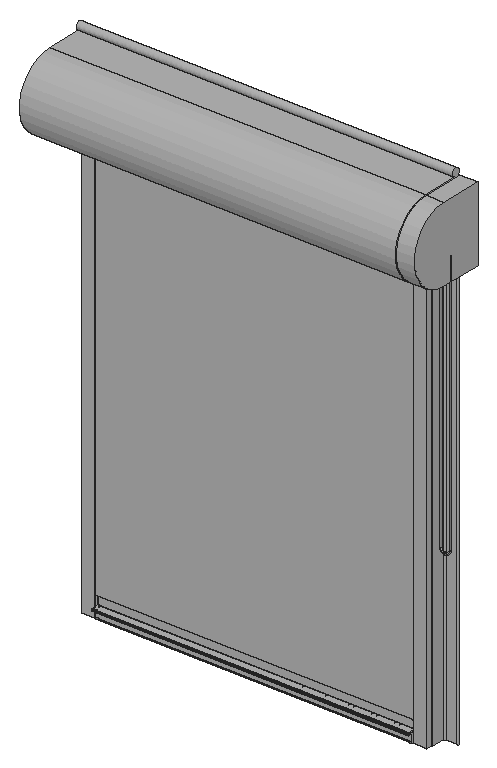
Revit family
Parameters (values of type "Hand-Chain Operated, Galvanized Steel")
  Spec Wizard = "http://www.clopaydoor.com/Quick-Specs-Wizard.aspx"
  Sizing Disclaimer = "30’ wide, 30’ high standard construction. Large Openings to 50’ wide, 40’ high up to 1200 sq. ft. consult factory. "  # constant formula
  Sales Information = "http://www.clopaydoor.com/where-to-buy.aspx?type=dealer&stype=commercial"
  Product Features and Benefits = "http://www.clopaydoor.com/sliding-applications.aspx"
  Motor = no
  Manufacturer Website = "http://www.clopaydoor.com"
  Manufacturer Phone Number = "1-800-526-4301"  # constant formula
  Manufacturer Address = "1400 W. Market St., Troy, OH 45373"  # constant formula
  Function = (empty or 0)
  File Revision = "00 (Feb, 2011)"  # constant formula
  Curtain 2 5/8" Slat = Galvanized steel (curtain only)
  Chain = yes
  CAD and Specifications = "http://www.clopaydoor.com/sliding-specs.aspx"
  Bottom Bar = Galvanized or powder coated plain steel (non curtain components)
  Guides = Galvanized or powder coated plain steel (non curtain components)
  Hood = Galvanized or powder coated plain steel (non curtain components)
  Mounting = "Face of Wall"  # constant formula
  URL = "http://www.clopaydoor.com"
  Subcategory = "Roll up"  # constant formula
  Optional Powder Coated Finish, standard RAL colors, Galv. Steel only = no
  Operator = Operator : Hand-Chain
  Operation = ""
  From Coil Side Operate on Right = yes
  From Coil Side Operate on Left = not(From Coil Side Operate on Right)  # no
  Model = "CERD10"  # constant formula
  Manufacturer = "Clopay Building Products Company"  # constant formula
  LEED Information = "http://www.cornelliron.com/GreenMfg.html"
  Height = 8' - 0"
  Wall Closure = (empty or 0)
  Width = 6' - 0"
  Guide Height = Height + Drip Extension  # 8' - 3"
  Drip Extension = 0' - 3"
  Description = "Rated physical fire barriers, also security and access control. Not for part of required means of egress. "  # constant formula
  Operator Height = Height / 1.5  # 5' - 4"
  Assembly Code = "B2030410"
  95 CSI = "08330"  # constant formula
  Wall Construction = "Masonry or Steel"  # constant formula
  Listings = "UL Classified 4, 3, 1 ½, 1 and ¾ hour labels. Factory Mutual approval listing."  # constant formula
  Smoke Control = "UL leakage rated assembly “S” label available. "  # constant formula
  Windload = "A full range of specific wind load requirements available- consult Clopay. "  # constant formula
  Coil Dimension Note = "14In to 25In -  Consult Clopay when dimensions are critical."  # constant formula
  Jamb Dimension Note = "3 1/2In to  10In wide. Clopay Cornell when dimensions are critical."  # constant formula
  04 CSI = "08 33 00"  # constant formula
Types (4): name | Motor | Curtain 2 5/8" Slat | Chain | Bottom Bar | Guides | Hood | Operator
  Hand-Chain Operated, Galvanized Steel | no | Galvanized steel (curtain only) | yes | Galvanized or powder coated plain steel (non curtain components) | Galvanized or powder coated plain steel (non curtain components) | Galvanized or powder coated plain steel (non curtain components) | Operator : Hand-Chain
  Hand-Chain Operated, Stainless Steel | no | Stainless steel (curtain only) | yes | Stainless steel (non-curtain components) | Stainless steel (non-curtain components) | Stainless steel (non-curtain components) | Operator : Hand-Chain
  Motor Operated, Galvanized Steel | yes | Galvanized steel (curtain only) | no | Galvanized or powder coated plain steel (non curtain components) | Galvanized or powder coated plain steel (non curtain components) | Galvanized or powder coated plain steel (non curtain components) | Operator : Motor Operator
  Motor Operated, Stainless Steel | yes | Stainless steel (curtain only) | no | Stainless steel (non-curtain components) | Stainless steel (non-curtain components) | Stainless steel (non-curtain components) | Operator : Motor Operator
Reference planes (in)
  plane 1 "Center (Front/Back)": y = 0
  plane 2 "Center (Left/Right)": x = 0
  plane 3 "Left": x = -36
  plane 4 "Right": x = 36
  plane 5 "Top": z = 96
  plane 6 "Wall Edge": y = -3
  plane 7 "Left Edge of Hood": x = -42.75
  plane 8: x = -41.50126
  plane 9: y = -3
  plane 10 "Right Edge of Hood": x = 42.75
  plane 11: x = 41.5
  plane 12 "Top of Hood": z = 116
  plane 13: y = -21
  plane 14: x = 31.5
  plane 15: z = 99
  plane 16 "Bottom Bar Alignment": y = -6.9375
  plane 17 "Bottom Bar Left": x = -39.25126
  plane 18 "Bottom Bar Right": x = 39.25126
  plane 19: z = 4.39975
  plane 20: y = -11.5
  plane 21: z = 107.5
  plane 22: y = -11.5
  plane 23: x = 39.25126
  plane 24: x = 44.875
  plane 25: x = 47
  plane 26: x = 42.75
  plane 27: x = -44.875
  plane 28: x = -47
Forms (in)
  Sweep 1, solid, material "Galvanized or powder coated plain steel (non curtain components)" <- "Hood"
    path origin (0, -3, 0) x (-1, 0, 0) y (0, 0, 1)
      loop
        line (-42.75, 99) -> (42.75, 99)
    profile "Profile_Hood : Profile_Hood" origin (0, -3, 99) x (0, 0, 1) y (0, 1, 0)
      loop
        line (17.00521, 0) -> (0, 0) -> (0, -9.04441)
        arc (0, -9.04441) -> (-1.75191, -9.2722) -> (0, -9.5) r 0.89077
        arc (0, -9.5) -> (8.5, -18) -> (17, -9.5) r 8.5
        line (17, -9.5) -> (17, -1.09786)
        arc (17, -1.09786) -> (18.75706, -0.90144) -> (17.00521, -0.66297) r 0.89077
        line (17.00521, -0.66297) -> (17.00521, 0)
  Extrusion 2, solid, material "Galvanized steel (curtain only)" <- "Curtain 2 5/8" Slat"
    sketch origin (0, 0, 0) x (1, 0, 0) y (0, 1, 0)
      loop
        line (-38.37626, -6.625) -> (-38.37626, -7.25) -> (38.375, -7.25) -> (38.375, -6.625) -> (-38.37626, -6.625)
    from 4.39975 to 99
  Sweep 3, solid, material "Galvanized or powder coated plain steel (non curtain components)" <- "Guides"
    path origin (0, -6.9375, 0) x (1, 0, 0) y (0, 0, 1)
      loop
        line (36, 0) -> (-36, 0)
    profile "Profile_BottomBar : Profile_BottomBar" origin (0, -6.9375, 0) x (0, 0, -1) y (0, -1, 0)
      loop
        arc (-2.58725, -0.14) -> (-2.54306, -0.15831) -> (-2.52475, -0.2025) r 0.0625
        line (-2.52475, -0.2025) -> (-2.52475, -1.9525)
        arc (-2.52475, -1.9525) -> (-2.50644, -1.99669) -> (-2.46225, -2.015) r 0.0625
        line (-2.46225, -2.015) -> (-2.39975, -2.015) -> (-2.39975, -0.015) -> (-2.33875, -0.015) -> (-2.33875, -0.157)
        arc (-2.33875, -0.157) -> (-2.24825, -0.2475) -> (-2.15775, -0.157) r 0.0905
        line (-2.15775, -0.157) -> (-2.15775, -0.0625) -> (-2.09375, -0.0625) -> (-2.09375, -1.84625) -> (-1.96875, -1.84625) -> (-1.96875, -1.09625)
        arc (-1.96875, -1.09625) -> (-1.93214, -1.00786) -> (-1.84375, -0.97125) r 0.125
        line (-1.84375, -0.97125) -> (-0.25, -0.97125)
        arc (-0.25, -0.97125) -> (-0.07322, -0.89803) -> (0, -0.72125) r 0.25
        line (0, -0.72125) -> (0, 0.77875)
        arc (0, 0.77875) -> (-0.07322, 0.95553) -> (-0.25, 1.02875) r 0.25
        line (-0.25, 1.02875) -> (-1.84375, 1.02875)
        arc (-1.84375, 1.02875) -> (-1.93214, 1.06536) -> (-1.96875, 1.15375) r 0.125
        line (-1.96875, 1.15375) -> (-1.96875, 1.90375) -> (-2.09375, 1.90375) -> (-2.09375, 0.0625) -> (-2.15775, 0.0625) -> (-2.15775, 0.157)
        arc (-2.15775, 0.157) -> (-2.24825, 0.2475) -> (-2.33875, 0.157) r 0.0905
        line (-2.33875, 0.157) -> (-2.33875, 0.015) -> (-2.39975, 0.015) -> (-2.39975, 2.015) -> (-2.46225, 2.015)
        arc (-2.46225, 2.015) -> (-2.50644, 1.99669) -> (-2.52475, 1.9525) r 0.0625
        line (-2.52475, 1.9525) -> (-2.52475, 0.2025)
        arc (-2.52475, 0.2025) -> (-2.54306, 0.15831) -> (-2.58725, 0.14) r 0.0625
        line (-2.58725, 0.14) -> (-4.33725, 0.14)
        arc (-4.33725, 0.14) -> (-4.38144, 0.12169) -> (-4.39975, 0.0775) r 0.0625
        line (-4.39975, 0.0775) -> (-4.39975, -0.0775)
        arc (-4.39975, -0.0775) -> (-4.38144, -0.12169) -> (-4.33725, -0.14) r 0.0625
        line (-4.33725, -0.14) -> (-2.58725, -0.14)
Lines and regions (in)
  Opening 1
    outline origin (-90, -3, 0) x (1, 0, 0) y (0, 0, 1)
      loop
        line (54, 0) -> (126, 0) -> (126, 96) -> (54, 96) -> (54, 0)
Text (in)
  text "Exterior" at (-74.96733, 27.31104, 0), in view "Ref. Level"
  text "Interior" at (-74.96733, -25.14366, 0), in view "Ref. Level"
  text "Exterior" at (0, 40.15149, 123.01588), in view "Right"
  text "Interior" at (0, -64.39139, 123.01588), in view "Right"
  text "Interior" at (0, -63.63426, 123.00693), in view "Left"
  text "Exterior" at (0, 54.57065, 123.00693), in view "Left"
Dimensions and locks (in)
  equal spacing: plane 3 "Left", plane 2 "Center (Left/Right)", plane 4 "Right"
  "Height": level to plane 5 "Top"
  "Width": plane 3 "Left" to plane 4 "Right"
  locked: plane 7 "Left Edge of Hood" to plane 3 "Left" at 6.75
  locked: plane 9 to plane 6 "Wall Edge"
  locked: plane 10 "Right Edge of Hood" to plane 4 "Right" at 6.75
  locked: plane 4 "Right" to plane 11 at 5.5
  locked: plane 9 to plane 13 at 18
  locked: plane 8 to plane 3 "Left" at 5.50126
  locked: nested 1 to Extrusion 2 sketch curve at 0.625
  locked: Extrusion 2 sketch curve to nested 1 at 0.1875
  locked: Extrusion 2 sketch curve to nested 2 at 0.625
  locked: Extrusion 2 sketch curve to Extrusion 2 sketch curve at 0.625
  "Drip Extension": plane 15 to plane 5 "Top"
  locked: plane 16 "Bottom Bar Alignment" to plane 9 at 3.9375
  locked: plane 17 "Bottom Bar Left" to plane 3 "Left" at 3.25126
  locked: plane 4 "Right" to plane 18 "Bottom Bar Right" at 3.25126
  locked: level to plane 19 at 4.39975
  plane 12 "Top of Hood" to plane 15 = 1' - 5"
  equal spacing: plane 12 "Top of Hood", plane 21, plane 15
  locked: host wall to plane 22 at 8.5
  equal spacing: plane 25, plane 24, plane 26
  locked: plane 26 to plane 23 at 3.49874
  locked: plane 26 to plane 11 at 1.25
  locked: plane 25 to plane 26 at 4.25
  plane 28 to plane 27 = 0' - 2 1/8"
  locked: plane 27 to plane 8 at 3.37374
  Sweep 1 to plane 15 = 1' - 5"
  aligned and locked: plane 3 "Left" to Opening 1 sketch curve
  aligned and locked: plane 5 "Top" to Opening 1 sketch curve  (x2)
  aligned and locked: Opening 1 sketch curve to plane 4 "Right"
  aligned and locked: Opening 1 sketch curve to level
  aligned and locked: plane 6 "Wall Edge" to host wall
  aligned and locked: nested 1 to plane 9
  aligned and locked: nested 1 to plane 8
  aligned and locked: plane 11 to nested 2
  aligned and locked: plane 9 to nested 2
  aligned and locked: plane 7 "Left Edge of Hood" to Sweep 1 sketch curve
  aligned and locked: plane 10 "Right Edge of Hood" to Sweep 1 sketch curve
  aligned and locked: Sweep 1 sketch curve to plane 15
  aligned and locked: level to Sweep 3 sketch curve
  aligned and locked: plane 4 "Right" to Sweep 3 sketch curve
  aligned and locked: plane 3 "Left" to Sweep 3 sketch curve
  aligned and locked: Extrusion 2 to Sweep 3
  aligned and locked: plane 15 to Extrusion 2
  aligned and locked: plane 12 "Top of Hood" to Sweep 1
  aligned and locked: plane 22 to plane 20
  aligned and locked: nested 3 to plane 2 "Center (Left/Right)"
  aligned and locked: nested 3 to plane 13
  aligned and locked: nested 3 to plane 12 "Top of Hood"
Nested families (in)
  nested 1: "Guide-Wall" at (-41.50126, -3, 0), type "Guide"
    with Height 8' - 3"
  nested 2: "Guide-Wall" at (41.5, -3, 0) x (-1, 0, 0) z (0, 0, 1), type "Guide"
    with Height 8' - 3"
  nested 3: "Operator" at (0, -3, 43.50391), type <- "Operator", type "Hand-Chain"
Definition of nested family "Guide-Wall"
  Parameters (values of type "Guide")
    Height = 12' - 0"
    Guide = none
    Assembly Code = ""
  Reference planes (in)
    plane 1 "Center (Front/Back)": y = 0
    plane 2: z = 0
    plane 3 "Center (Left/Right)": x = 0
    plane 4: z = 144
    plane 5 "Center Line": x = 4.5
    plane 6: y = -0.25
    plane 7: y = -3.75
    plane 8: y = -3.5
  Forms (in)
    Extrusion 1, solid, material <- "Guide"
      sketch origin (0, 0, 0) x (1, 0, 0) y (0, 1, 0)
        loop
          line (-1, -0.25) -> (1.625, -0.25)
          arc (1.625, -0.25) -> (1.89017, -0.35983) -> (2, -0.625) r 0.375
          line (2, -0.625) -> (2, -3.25)
          arc (2, -3.25) -> (2.07322, -3.42678) -> (2.25, -3.5) r 0.25
          line (2.25, -3.5) -> (2.25, -4.75) -> (5.25, -4.75)
          arc (5.25, -4.75) -> (5.17678, -4.57322) -> (5, -4.5) r 0.25
          line (5, -4.5) -> (2.875, -4.5)
          arc (2.875, -4.5) -> (2.60983, -4.39017) -> (2.5, -4.125) r 0.375
          line (2.5, -4.125) -> (2.5, -3.062) -> (4, -3.062) -> (4, -3.4375) -> (4.75, -3.4375) -> (4.75, -3.062) -> (5.5, -3.062)
          arc (5.5, -3.062) -> (5.44508, -2.92942) -> (5.3125, -2.8745) r 0.1875
          line (5.3125, -2.8745) -> (3, -2.8745)
          arc (3, -2.8745) -> (2.77903, -2.78297) -> (2.6875, -2.562) r 0.3125
          line (2.6875, -2.562) -> (2.6875, -1.2495)
          arc (2.6875, -1.2495) -> (2.63258, -1.11692) -> (2.5, -1.062) r 0.1875
          line (2.5, -1.062) -> (2.5, -1.5)
          arc (2.5, -1.5) -> (2.42678, -1.32322) -> (2.25, -1.25) r 0.25
          line (2.25, -1.25) -> (2.25, 0) -> (-1.25, 0)
          arc (-1.25, 0) -> (-1.17678, -0.17678) -> (-1, -0.25) r 0.25
      from 0 to 144
  Lines and regions (in)
    symbolic lines
      curve 1: line (2.25, 0, 0) -> (2.25, -4.75, 0)
      curve 2: line (2.5, -3.5, 0) -> (2.5, -1.5, 0)
      curve 3: line (4, -3.062, 0) -> (4.75, -3.062, 0)
  Dimensions and locks (in)
    "Height": plane 4 to plane 2
    locked: plane 3 "Center (Left/Right)" to plane 5 "Center Line" at 4.5
    aligned and locked: plane 2 to level
    aligned and locked: plane 1 "Center (Front/Back)" to Extrusion 1 sketch curve
    aligned and locked: plane 6 to Extrusion 1
    aligned and locked: plane 4 to Extrusion 1
    aligned and locked: curve 1 to Extrusion 1  (x2)
    aligned and locked: plane 1 "Center (Front/Back)" to curve 1
    aligned and locked: plane 8 to curve 2
    aligned and locked: Extrusion 1 to curve 2
    aligned and locked: Extrusion 1 to curve 3
    aligned and locked: curve 3 to Extrusion 1
  Automatic sketch dimensions
    Extrusion 1 sketch curve to plane 8 = 0' - 0"
    plane 5 "Center Line" to Extrusion 1 sketch curve = 0' - 0 3/4"
    plane 7 to Extrusion 1 sketch curve = 0' - 1"
    Extrusion 1 sketch curve to Extrusion 1 sketch curve = 0' - 0 1/4"  (x4)
    Extrusion 1 sketch curve to Extrusion 1 sketch curve = 0' - 0 3/8"
    plane 5 "Center Line" to Extrusion 1 sketch curve = 0' - 1"
    Extrusion 1 sketch curve to Extrusion 1 sketch curve = 0' - 0 3/16"  (x2)
    Extrusion 1 sketch curve to Extrusion 1 sketch curve = 0' - 0 5/16"
    Extrusion 1 sketch curve to Extrusion 1 sketch curve = 0' - 2.2505"
    plane 3 "Center (Left/Right)" to Extrusion 1 sketch curve = 0' - 1 5/8"
    Extrusion 1 sketch curve to Extrusion 1 sketch curve = 0' - 0 5/8"
    Extrusion 1 sketch curve to Extrusion 1 sketch curve = 0' - 1 3/4"
    Extrusion 1 sketch curve to plane 6 = 0' - 0"
    Extrusion 1 sketch curve to plane 6 = 0' - 0 3/8"
    Extrusion 1 sketch curve to plane 3 "Center (Left/Right)" = 0' - 1"
    Extrusion 1 sketch curve to plane 8 = 0' - 0 1/16"
    Extrusion 1 sketch curve to plane 5 "Center Line" = 0' - 0 1/2"
    Extrusion 1 sketch curve to Extrusion 1 sketch curve = 0' - 0.3755"  (x2)
    plane 5 "Center Line" to Extrusion 1 sketch curve = 0' - 0 1/4"
    curve 3 to plane 8 = 0' - 0.438"
    curve 2 to plane 6 = 0' - 1 1/4"
Definition of nested family "Operator"
  Parameters (values of type "Hand-Chain")
    Width = 6' - 0"
    Straight = yes
    Right Visibility = yes
    Operator Height = 5' - 4"
    Motor Visibility = not(Motor)  # yes
    Motor = no
    Material = Galvanized or powder coated plain steel (non curtain components)
    Left Visibility = no
    Chain = yes
    Bottom Bar = Galvanized or powder coated plain steel (non curtain components)
    Assembly Code = ""
  Types (2): name | Straight | Motor Visibility | Motor | Chain
    Hand-Chain | yes | yes | no | yes
    Motor Operator | no | no | yes | no
  Reference planes (in)
    plane 1 "Center (Front/Back)": y = 0
    plane 2: z = 0
    plane 3 "Center (Left/Right)": x = 0
    plane 4: x = 36
    plane 5: x = -36
    plane 6: x = 42.75
    plane 7: x = -42.75
    plane 8: y = -18
  Lines and regions (in)
    symbolic lines, style "GenericModelHiddenLines", visible <- "Left Visibility"
      curve 1: line (-21.75, -18, 0) -> (42.75, -18, 0)
    symbolic lines, style "GenericModelHiddenLines", visible <- "Right Visibility"
      curve 2: line (-42.75, -18, 0) -> (21.75, -18, 0)
    symbolic lines, style "GenericModelHiddenLines", visible <- "Straight"
      curve 3: line (-42.75, -18, 0) -> (42.75, -18, 0)
    symbolic lines, style "GenericModelHiddenLines", visible <- "Motor Visibility"
      curve 4: line (-42.75, -18, 0) -> (42.75, -18, 0)
    symbolic lines, style "GenericModelHiddenLines"
      curve 5: line (-42.75, -18, 0) -> (-42.75, 0, 0)
      curve 6: line (42.75, 0, 0) -> (42.75, -18, 0)
  Dimensions and locks (in)
    equal spacing: plane 5, plane 3 "Center (Left/Right)", plane 4
    "Width": plane 5 to plane 4
    locked: plane 4 to plane 6 at 6.75
    locked: plane 7 to plane 5 at 6.75
    locked: plane 1 "Center (Front/Back)" to plane 8 at 18
    aligned and locked: plane 8 to nested 1
    aligned and locked: nested 2 to plane 8
    aligned and locked: nested 2 to plane 7
    aligned and locked: nested 1 to plane 6
    aligned and locked: nested 2 to curve 1
    aligned and locked: plane 6 to curve 1
    aligned and locked: nested 1 to curve 2
    aligned and locked: curve 1 to plane 8
    aligned and locked: curve 3 to plane 8
    aligned and locked: plane 1 "Center (Front/Back)" to curve 6
    aligned and locked: plane 8 to curve 6
    aligned and locked: curve 6 to plane 6
    aligned and locked: plane 1 "Center (Front/Back)" to curve 5
    aligned and locked: curve 5 to plane 7
  Nested families (in)
    nested 1: "Pull-Down-Pole" at (48.625, -8.5, 0), visible <- "Right Visibility", type "Right Operator"
      with Motor no, Chain yes
    nested 2: "Pull-Down-Pole" at (-48.625, -8.5, 0) x (-1, 0, 0) z (0, 0, 1), visible <- "Left Visibility", type "Left Operator"
      with Motor no, Chain yes
  Definition of nested family "Pull-Down-Pole"
    Parameters (values of type "Left Operator")
      Motor = yes
      Material = Galvanized or powder coated plain steel (non curtain components)
      Height = 5' - 4"
      Chain = no
      Bottom Bar = Galvanized or powder coated plain steel (non curtain components)
      Assembly Code = ""
    Types (2): name
      Left Operator
      Right Operator
    Reference planes (in)
      plane 1 "Center (Front/Back)": y = 0
      plane 2: z = 0
      plane 3 "Center (Left/Right)": x = 0
      plane 4: z = 64
      plane 5: y = -9.5
      plane 6: y = -20.875
    Forms (in)
      Extrusion 1, solid, material "Galvanized or powder coated plain steel (non curtain components)" <- "Material", visible <- "Motor"
        sketch origin (0, 0, 0) x (1, 0, 0) y (0, 0, 1)
          loop
            line (-26.875, 72.49609) -> (-26.875, 55.49609) -> (-5.875, 55.49609) -> (-5.875, 72.49609) -> (-26.875, 72.49609)
        from 9.5 to 20.875
      Sweep 2, solid, material "Galvanized or powder coated plain steel (non curtain components)" <- "Material", visible <- "Chain"
        path origin (0, 2, 0) x (1, 0, 0) y (0, 0, 1)
          loop
            line (-4.875, 64) -> (-4.875, 0)
            arc (-4.875, 0) -> (-3.75, -1.125) -> (-2.625, 0) r 1.125
            line (-2.625, 0) -> (-2.625, 64)
        profile origin (-4.875, 2, 32) x (0, -1, 0) y (1, 0, 0)
          loop
            circle (0, 0) r 0.15023
      Extrusion 3, solid, material "Galvanized or powder coated plain steel (non curtain components)" <- "Bottom Bar", visible <- "Chain"
        sketch origin (54.75, -180, 27.39089) x (0, 0, 1) y (0, -1, 0)
          loop
            line (45.10911, -188.5) -> (45.10911, -179)
            arc (45.10911, -179) -> (36.60911, -170.5) -> (28.10911, -179) r 8.5
            line (28.10911, -179) -> (28.10911, -188.5) -> (45.10911, -188.5)
        from -56.375 to -60.625
    Lines and regions (in)
      symbolic lines, style "GenericModelHiddenLines", visible <- "Motor"
        curve 1: line (-26.875, -20.875, 0) -> (-26.875, -9.5, 0)
        curve 2: line (-26.875, -20.875, 0) -> (-5.875, -20.875, 0)
        curve 3: line (-5.875, -20.875, 0) -> (-5.875, -9.5, 0)
    Dimensions and locks (in)
      "Height": plane 4 to level
      locked: plane 3 "Center (Left/Right)" to Extrusion 1 sketch curve at 5.875
      locked: Extrusion 1 sketch curve to Extrusion 1 sketch curve at 21
      locked: plane 4 to Extrusion 1 sketch curve at 8.50391
      locked: Extrusion 1 sketch curve to plane 4 at 8.49609
      locked: plane 1 "Center (Front/Back)" to plane 5 at 9.5
      locked: plane 5 to plane 6 at 11.375
      locked: Sweep 2 sketch curve to Extrusion 1 at 1
      aligned and locked: plane 5 to Extrusion 1
      aligned and locked: plane 6 to Extrusion 1
      aligned and locked: level to Sweep 2 sketch curve
      aligned and locked: plane 4 to Sweep 2 sketch curve  (x2)
      aligned and locked: plane 5 to curve 1
      aligned and locked: plane 5 to curve 3
      aligned and locked: plane 6 to curve 3
      aligned and locked: Extrusion 1 to curve 2
      aligned and locked: plane 6 to curve 2
      aligned and locked: curve 1 to Extrusion 1
    Automatic sketch dimensions
      Sweep 2 sketch curve to plane 1 "Center (Front/Back)" = 0' - 2"
      Sweep 2 sketch curve to profile plane = 0' - 0"
      Sweep 2 sketch curve to Sweep 2 sketch curve = 0' - 1 1/8"
      Extrusion 3 sketch curve to plane 4 = 0' - 0"
      plane 1 "Center (Front/Back)" to Extrusion 3 sketch curve = 0' - 1"
      plane 4 to Extrusion 3 sketch curve = 0' - 8 1/2"
      Extrusion 3 sketch curve to plane 1 "Center (Front/Back)" = 0' - 8 1/2"
      radius of Sweep 2 sketch curve = 0' - 0.15023"
